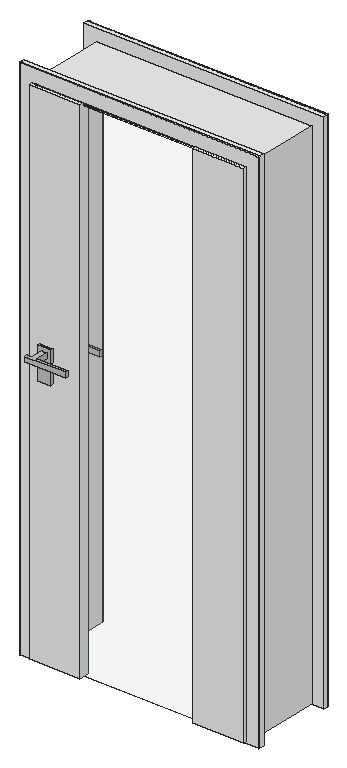
Revit family "Porta_FOCUS_B_osc_PS_pn", category Drzwi, Revit 2014
Parameters (values of type "pn 80")
  wysokość = 2016 mm
  szerokość = 800 mm
  Zakres szerokości muru [instance] = if(and(Grubość ściany > 94 mm, Grubość ściany < 120 mm), "B", (if(and(Grubość ściany > 119 mm, Grubość ściany < 140 mm), "C", (if(and(Grubość ściany > 139 mm, Grubość ściany < 160 mm), "D", (if(and(Grubość ściany > 159 mm, Grubość ściany < 180 mm), "E", (if(and(Grubość ściany > 179 mm, Grubość ściany < 200 mm), "F", (if(and(Grubość ściany > 199 mm, Grubość ściany < 220 mm), "G", (if(and(Grubość ściany > 219 mm, Grubość ściany < 240 mm), "H", (if(and(Grubość ściany > 239 mm, Grubość ściany < 260 mm), "I", (if(and(Grubość ściany > 259 mm, Grubość ściany < 280 mm), "J", (if(and(Grubość ściany > 279 mm, Grubość ściany < 301 mm), "K", "BRAK")))))))))))))))))))  # "K"
  Wysokość brutto = 2060 mm
  Szerokość brutto = 880 mm
  Model = "Porta FOCUS B"  # constant formula
  Materiał szklenie [instance] = Szkło
  Klamka [instance] = yes
  Grubość ściany [instance] = 300 mm
  Funkcja = Wewnętrzna
  URL = "www.porta.com.pl"
  Ss = 844 mm
  Sb = 846 mm
  Producent = "PORTA KMI POLAND"  # constant formula
  Keynote = ""
  Opis = "Ościeżnica Porta System"
  Height = 0 mm
  Zakończenie ściany = Wg obiektu nadrzędnego
  Width = 0 mm
  Materiał skrzydło [instance] = Porta - biały
  Materiał ościeżnica [instance] = Porta - biały
  Materiał klamka [instance] = Porta - chrom
  Hs = 2030 mm
Types (3, lengths in mm): name | szerokość | Szerokość brutto | Ss | Sb
  (no name) | 800 | 880 | 844 | 846
  pn 80 | 800 | 880 | 844 | 846
  pn 90 | 900 | 980 | 944 | 946
Reference planes
  plane 1: y = 0
  plane 2 "Środek (Lewa/Prawa)": x = 0
  plane 3 "Lewy": x = -440
  plane 4 "Prawy": x = 440
  plane 5: z = 2060
  plane 6 "Zewnętrzna": y = 150
  plane 7 "Wewnętrzna": y = -150
  plane 8 "skrzydło": y = -144.5
  plane 9: y = -184.5
  plane 10: x = -354
Forms (mm)
  Sweep 1, solid, material "Porta - biały" <- "Materiał ościeżnica"
    path in 3D
      loop
        line (-440, -150, 0) -> (-440, -150, 2060) -> (440, -150, 2060) -> (440, -150, 0)
    profile origin (-440, -150, 1030) x (0, -1, 0) y (1, 0, 0)
      loop
        line (-10, 39) -> (-72, 39) -> (-72, 17) -> (0, 17) -> (0, -33) -> (16, -33)
        arc (16, -33) -> (18.121, -32.121) -> (19, -30) r 3
        line (19, -30) -> (19, 24)
        arc (19, 24) -> (18.121, 26.121) -> (16, 27) r 3
        line (16, 27) -> (-10, 27) -> (-10, 39)
  Sweep 2, solid, material "Porta - biały" <- "Materiał ościeżnica"
    path in 3D
      loop
        line (440, 150, 0) -> (440, 150, 2060) -> (-440, 150, 2060) -> (-440, 150, 0)
    profile origin (-440, 150, 1030) x (1, 0, 0) y (0, 1, 0)
      loop
        line (-33, 0) -> (17, 0) -> (17, -228) -> (39, -228) -> (39, -1)
        arc (39, -1) -> (37.536, 2.536) -> (34, 4) r 5
        line (34, 4) -> (25, 4) -> (25, 16)
        arc (25, 16) -> (24.121, 18.121) -> (22, 19) r 3
        line (22, 19) -> (-30, 19)
        arc (-30, 19) -> (-32.121, 18.121) -> (-33, 16) r 3
        line (-33, 16) -> (-33, 0)
Cuts and joins
  joined: Sweep 1, Sweep 2
Lines and regions (mm)
  Opening 1
    outline origin (-3050, -150, 0) x (1, 0, 0) y (0, 0, 1)
      loop
        line (2610, 0) -> (3490, 0) -> (3490, 2060) -> (2610, 2060) -> (2610, 0)
  sketch lines
    curve 1: line (-440, -150, 0) -> (-440, -150, 2060)
    curve 2: line (-440, -150, 2060) -> (440, -150, 2060)
    curve 3: line (440, -150, 2060) -> (440, -150, 0)
    curve 4: line (-440, 150, 2060) -> (-440, 150, 0)
    curve 5: line (440, 150, 2060) -> (-440, 150, 2060)
    curve 6: line (440, 150, 0) -> (440, 150, 2060)
  symbolic lines, style "Doors"
    curve 7: line (440, -184.5, 0) -> (440, -1028.5, 0)
    curve 8: line (440, -1028.5, 0) -> (400, -1028.5, 0)
    curve 9: line (400, -1028.5, 0) -> (400, -184.5, 0)
    curve 10: line (400, -184.5, 0) -> (440, -184.5, 0)
  symbolic lines
    curve 11: arc (-422, -184.5, 0) -> (-174.798, -781.298, 0) -> (422, -1028.5, 0) r 844
Text (mm)
  text "Zewnętrzna" at (-2295.016, 1099.543, 0), in view "Poziom odniesienia"
  text "Zewnętrzna" at (0, 1615.38, 3698.081), in view "Lewy"
  text "Zewnętrzna" at (0, 1036.032, 3874.932), in view "Prawy"
Dimensions and locks
  equal spacing: plane 3 "Lewy", plane 2 "Środek (Lewa/Prawa)", plane 4 "Prawy"
  "Szerokość brutto": plane 3 "Lewy" to plane 4 "Prawy"
  "Wysokość brutto": plane 5 to host wall
  host wall to plane 5 = 2060 mm  (x2)
  locked: plane 6 "Zewnętrzna" to host wall at 0
  locked: plane 7 "Wewnętrzna" to host wall
  "Sb": Sweep 1 to Sweep 1
  locked: Sweep 1 sketch curve to Sweep 1 sketch curve at 22
  Sweep 1 sketch curve to Sweep 1 sketch curve = 50 mm
  locked: Sweep 1 sketch curve to profile plane at 72
  locked: Sweep 2 sketch curve to Sweep 2 sketch curve at 50
  locked: Sweep 2 sketch curve to Sweep 2 sketch curve at 22
  locked: Sweep 2 sketch curve to plane 6 "Zewnętrzna" at 1
  locked: curve 9 to curve 7 at 40
  "Ss": curve 8 to curve 10
  plane 2 "Środek (Lewa/Prawa)" to curve 7 = 440 mm
  locked: plane 7 "Wewnętrzna" to plane 8 "skrzydło" at 5.5
  equal spacing: nested 1, plane 2 "Środek (Lewa/Prawa)", nested 1
  locked: nested 1 to level at 8
  "Grubość ściany": host wall to host wall
  locked: plane 8 "skrzydło" to plane 9 at 40
  locked: plane 3 "Lewy" to plane 10 at 86
  aligned and locked: plane 3 "Lewy" to Opening 1 sketch curve
  aligned and locked: plane 5 to Opening 1 sketch curve  (x2)
  aligned and locked: Opening 1 sketch curve to plane 4 "Prawy"
  aligned and locked: Opening 1 sketch curve to level
  aligned and locked: plane 1 to host wall
  aligned and locked: Sweep 1 to Sweep 2 sketch curve
  aligned and locked: Sweep 2 sketch curve to cut or joined group of Sweep 1, Sweep 2
  aligned and locked: nested 1 to plane 8 "skrzydło"
  aligned and locked: plane 4 "Prawy" to curve 7
  aligned and locked: plane 9 to curve 10
  aligned and locked: nested 3 to plane 8 "skrzydło"
  aligned and locked: plane 9 to nested 2
  aligned and locked: plane 10 to nested 2
  aligned and locked: nested 3 to plane 10
Automatic sketch dimensions
  profile plane to Sweep 1 sketch curve = 10 mm
  Sweep 1 sketch curve to profile plane = 16 mm  (x2)
  Sweep 1 sketch curve to Sweep 1 sketch curve = 3 mm
  profile plane to Sweep 1 sketch curve = 17 mm
  Sweep 1 sketch curve to Sweep 1 sketch curve = 7 mm
  Sweep 1 sketch curve to profile plane = 0 mm
  Sweep 2 sketch curve to profile plane = 0 mm
  Sweep 2 sketch curve to profile plane = 16 mm
  Sweep 2 sketch curve to Sweep 2 sketch curve = 3 mm
  Sweep 2 sketch curve to Sweep 2 sketch curve = 5 mm
  Sweep 2 sketch curve to profile plane = 4 mm
  Sweep 2 sketch curve to Sweep 2 sketch curve = 8 mm
  plane 9 to curve 11 = 0 mm
  plane 4 "Prawy" to curve 11 = 18 mm
Nested families
  nested 1: "skrzydło" at (0, -151, 0), type "skrzydło"
  nested 2: "KLAMKA" at (-344, -184.5, 1112), Materiał klamki <- "Materiał klamka", visible <- "Klamka", type "KLAMKA"
    with Materiał klamki Porta - chrom
  nested 3: "KLAMKA" at (-344, -144.5, 1112), Materiał klamki <- "Materiał klamka", visible <- "Klamka", type "KLAMKA"
    with Materiał klamki Porta - chrom
Definition of nested family "skrzydło"
  Parameters (values of type "skrzydło")
    Ss = 844 mm
    Materiał szklenie = none
    Materiał skrzydło = Porta - biały
    Assembly Code = ""
    Hs = 2030 mm
  Reference planes
    plane 1 "Tył": y = 6.5
    plane 2: z = 0
    plane 3 "Środek (Lewa/Prawa)": x = 0
    plane 4 "Lewa": x = -422
    plane 5 "Prawa": x = 422
    plane 6 "Przód": y = -33.5
    plane 7: z = 2038
    plane 8 "Centrum": y = -13.5
    plane 9: z = 8
    plane 10: x = -222
    plane 11: x = 222
  Forms (mm)
    Extrusion 1, solid, material "Porta - biały" <- "Materiał skrzydło"
      sketch origin (0, -33.5, 0) x (-1, 0, 0) y (0, 0, 1)
        loop
          line (422, 2038) -> (-422, 2038) -> (-422, 8) -> (422, 8) -> (422, 2038)
      from 0 to 40
    Sweep 2, void
      path origin (0, 6.5, 0) x (1, 0, 0) y (0, 0, 1)
        loop
          line (422, 0) -> (422, 2038) -> (-422, 2038) -> (-422, 0)
      profile origin (-422, 6.5, 1019) x (0, -1, 0) y (1, 0, 0)
        loop
          line (0, 0) -> (26, 0) -> (26, 13) -> (0, 13) -> (0, 0)
    Extrusion 3, void
      sketch origin (0, -33.5, 0) x (-1, 0, 0) y (0, 0, 1)
        loop
          line (222, 8) -> (222, 2038) -> (-222, 2038) -> (-222, 8) -> (222, 8)
      from 0 to 250
    Extrusion 4, solid, material <- "Materiał szklenie"
      sketch origin (0, -33.5, 0) x (-1, 0, 0) y (0, 0, 1)
        loop
          line (222, 8) -> (222, 2025) -> (-222, 2025) -> (-222, 8) -> (222, 8)
      from 18 to 22
  Cuts and joins
    Sweep 2, Extrusion 3 cuts Extrusion 1
  Dimensions and locks
    equal spacing: plane 4 "Lewa", plane 3 "Środek (Lewa/Prawa)", plane 5 "Prawa"
    "Ss": plane 4 "Lewa" to plane 5 "Prawa"
    locked: plane 9 to level at 8
    "Hs": plane 7 to plane 9
    equal spacing: plane 6 "Przód", plane 8 "Centrum", plane 1 "Tył"
    locked: plane 4 "Lewa" to plane 10 at 200
    locked: plane 11 to plane 5 "Prawa" at 200
    aligned and locked: Extrusion 1 sketch curve to plane 9
    aligned and locked: Extrusion 1 sketch curve to plane 5 "Prawa"
    aligned and locked: Extrusion 1 sketch curve to plane 4 "Lewa"
    aligned and locked: Sweep 2 sketch curve to plane 4 "Lewa"
    aligned and locked: Sweep 2 sketch curve to plane 7
    aligned and locked: Sweep 2 sketch curve to plane 5 "Prawa"
    aligned and locked: level to Sweep 2 sketch curve  (x2)
    aligned and locked: plane 7 to Extrusion 1 sketch curve
    aligned and locked: Extrusion 4 sketch curve to cut or joined group of Extrusion 1, Sweep 2, Extrusion 3  (x2)
    aligned and locked: cut or joined group of Extrusion 1, Sweep 2, Extrusion 3 to Extrusion 4 sketch curve
    aligned and locked: plane 10 to Extrusion 3 sketch curve
    aligned and locked: plane 11 to Extrusion 3 sketch curve
    aligned and locked: Extrusion 3 sketch curve to plane 7
    aligned and locked: Extrusion 3 sketch curve to plane 9
  Automatic sketch dimensions
    plane 1 "Tył" to Sweep 2 sketch curve = 0 mm
    Sweep 2 sketch curve to profile plane = 0 mm
    Sweep 2 sketch curve to Sweep 2 sketch curve = 26 mm
    Sweep 2 sketch curve to Sweep 2 sketch curve = 13 mm
    Extrusion 4 sketch curve to plane 7 = 13 mm
Definition of nested family "KLAMKA"
  Parameters (values of type "KLAMKA")
    Materiał klamki [instance] = none
    Assembly Code = ""
    Default Elevation = 1219.2 mm
  Reference planes
    plane 1 "Center (Front/Back)": y = 0
    plane 2: z = 0
    plane 3 "Center (Left/Right)": x = -10
  Forms (mm)
    Extrusion 1, solid, material <- "Materiał klamki"
      sketch origin (0, 0, 0) x (1, 0, 0) y (0, 0, 1)
        loop
          line (-35, -25) -> (15, -25) -> (15, 25) -> (-35, 25) -> (-35, -25)
      from 0 to 10
    Extrusion 2, solid, material <- "Materiał klamki"
      sketch origin (0, 0, 0) x (1, 0, 0) y (0, 1, 0)
        loop
          line (-20, -10) -> (-20, -60) -> (-40, -60) -> (-40, -70) -> (120, -70) -> (120, -60) -> (0, -60) -> (0, -10) -> (-20, -10)
      from -10 to 10
    Extrusion 3, solid, material <- "Materiał klamki"
      sketch origin (0, 0, -8) x (1, 0, 0) y (0, 0, 1)
        loop
          line (-35, -92) -> (15, -92) -> (15, -42) -> (-35, -42) -> (-35, -92)
      from 0 to 10
  Dimensions and locks
    aligned and locked: Extrusion 1 to plane 1 "Center (Front/Back)"
